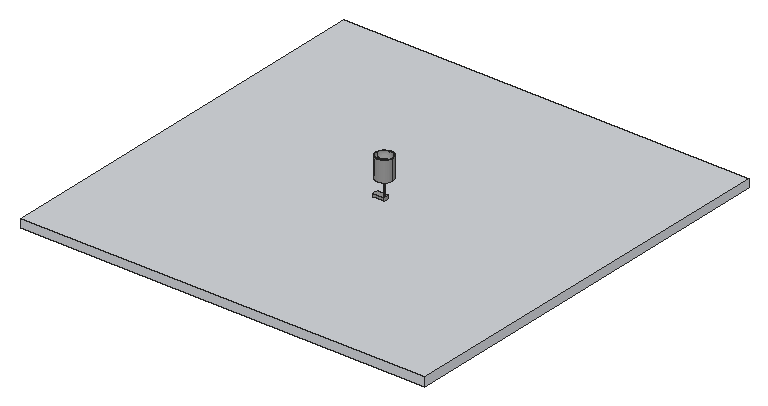
Revit family "LAMP_KOMBIC 100 SURFACE SUSPENDED TRACK 2500 CRI80 OPTIC", category Luminarias, Revit 2018
Family settings
  Anfitrión = Cara
  Cota de conector redondo = Diámetro de uso
  Tipo de pieza = Normal
  Corte con vacíos al cargar = No
  Origen de luz = Sí
  Compartido = No
  Punto de cálculo de habitación = No
Parameters (values of type "1205LM 3000K  B/B")
  Ángulo de inclinación = -90.00°
  Weight = 0.498 kg
  UGR = "17"
  Type = "COB PHILIPS"
  Protection rating = "IP40"
  Product datasheet = "http://www.lamp.es/product-files/TECH/K11ST2540WF830NBB-EN.pdf"
  Product code = "K11ST2540WF830NBB"
  Product URL = "https://www.lamp.es/en/family/kombic-surface_474354"
  Power Supply = "220-240V 50/60Hz"
  Power = 18 W
  Plum = 21.6 W
  Modelo = Product code  # "K11ST2540WF830NBB"
  Model explanation = "Possibility to modify the lenght of the suspension cable up to 1m"
  Material reflector = LAMP_PC Reflector Kombic Metalizado Negro
  Material floron = LAMP_Plástico genérico NG
  Material difusor = LAMP_PMMA Difusor Kombic
  Material cuerpo = LAMP_Plástico genérico NG
  Material cable suspension = LAMP_Acero genérico
  Manufacturer name = "LAMP"
  Manufacturer country = "Spain"
  Manufacturer URL = "http://www.lamp.es/en"
  MacAdam = "3"
  Luminaire type = "Track Suspended"
  Last update = "03/08/2021"
  Lamp = "COB LED"
  LED Lifetime = "50.000 L70 B10"
  Insulation class = "I"
  Installation instructions = "https://www.lamp.es/product-files/packed/by-family/474354_INS_all.zip"
  IEE = "A+"
  Wattage = 21.6 W
  built-in parameter 1150107 = 3000 (stored number, unit not read)
  built-in parameter 1150110 = 1 (stored number, unit not read)
  built-in parameter 1150109 = 1 (stored number, unit not read)
  built-in parameter 1150112 = 1 (stored number, unit not read)
  built-in parameter 1150113 = 1 (stored number, unit not read)
  built-in parameter 1114218 = 1 (stored number, unit not read)
  built-in parameter 1150137 = (empty or 0)
  built-in parameter 1150132 = 2
  built-in parameter 1150105 = 2137.8 (stored number, unit not read)
  built-in parameter 1150102 = (empty or 0)
  built-in parameter 1150106 = 21.378 (stored number, unit not read)
  Height suspension [instance] = 100 mm
  Height distance [instance] = if(Height suspension > 1 mm, if(Height suspension < 1000 mm, Height suspension, 1000 mm), 1 mm)  # 100 mm
  Height = 120 mm
  Gear = "Electronic"
  Lumens = 1609.2 lm
  Finish = "Matte black RAL 9011"
  Color Filter = 16777215
  built-in parameter 1114217 = 1 (stored number, unit not read)
  built-in parameter 1150139 = (empty or 0)
  Fabricante = Manufacturer name  # "LAMP"
  Default Elevation = 1219.2 mm
  built-in parameter 1150104 = 6.9213 (stored number, unit not read)
  Efficacy = 74.5 lm/W
  Diameter = 100 mm
  built-in parameter 1150115 = 1 (stored number, unit not read)
  built-in parameter 1150114 = 1 (stored number, unit not read)
  built-in parameter 1150138 = (empty or 0)
  built-in parameter 1150134 = (empty or 0)
  Dimming Lamp Color Temperature Shift = (empty or 0)
  CRI = "80"
  Archivo de red fotométrica = "K11rd2540WF830NBw.IES"
  built-in parameter 1150133 = 10 (stored number, unit not read)
Types (12, lengths in mm): name | UGR | Product datasheet | Product code | Modelo | Material reflector | Material cuerpo | built-in parameter 1150107 | built-in parameter 1150105 | built-in parameter 1150106 | Lumens | Finish | built-in parameter 1150104 | Efficacy | built-in parameter 1150134 | Archivo de red fotométrica
  1205LM 3000K  B/B | "17" | "http://www.lamp.es/product-files/TECH/K11ST2540WF830NBB-EN.pdf" | "K11ST2540WF830NBB" | "K11ST2540WF830NBB" | LAMP_PC Reflector Kombic Metalizado Negro | LAMP_Plástico genérico NG | 3000 (stored number, unit not read) | 2137.8 (stored number, unit not read) | 21.378 (stored number, unit not read) | 1609.2 lm | "Matte black RAL 9011" | 6.9213 (stored number, unit not read) | 74.5 lm/W | (empty or 0) | "K11rd2540WF830NBw.IES"
  1205LM 3000K  B/W | "17" | "http://www.lamp.es/product-files/TECH/K11ST2540WF830NBW-EN.pdf" | "K11ST2540WF830NBW" | "K11ST2540WF830NBW" | LAMP_PC Reflector Kombic Metalizado Negro | LAMP_Plástico genérico BL | 3000 (stored number, unit not read) | 2137.8 (stored number, unit not read) | 21.378 (stored number, unit not read) | 1609.2 lm | "Matte Traffic white RAL 9016" | 6.9213 (stored number, unit not read) | 74.5 lm/W | (empty or 0) | "K11rd2540WF830NBW.IES"
  1268LM 3000K  M/B | "17" | "http://www.lamp.es/product-files/TECH/K11ST2540WF830NMB-EN.pdf" | "K11ST2540WF830NMB" | "K11ST2540WF830NMB" | LAMP_PC Reflector Kombic Metalizado Mate | LAMP_Plástico genérico NG | 3000 (stored number, unit not read) | 2246.9 (stored number, unit not read) | 22.469 (stored number, unit not read) | 1691.28 lm | "Matte black RAL 9011" | 7.2743 (stored number, unit not read) | 78.3 lm/W | (empty or 0) | "K11rd2540WF830NMw.IES"
  1268LM 3000K  M/W | "17" | "http://www.lamp.es/product-files/TECH/K11ST2540WF830NMW-EN.pdf" | "K11ST2540WF830NMW" | "K11ST2540WF830NMW" | LAMP_PC Reflector Kombic Metalizado Mate | LAMP_Plástico genérico BL | 3000 (stored number, unit not read) | 2246.9 (stored number, unit not read) | 22.469 (stored number, unit not read) | 1691.28 lm | "Matte Traffic white RAL 9016" | 7.2743 (stored number, unit not read) | 78.3 lm/W | (empty or 0) | "K11rd2540WF830NMW.IES"
  1275LM 3000K  W/B | "19" | "http://www.lamp.es/product-files/TECH/K11ST2540WF830NWB-EN.pdf" | "K11ST2540WF830NWB" | "K11ST2540WF830NWB" | LAMP_PC Reflector Kombic Blanco | LAMP_Plástico genérico NG | 3000 (stored number, unit not read) | 2261.2 (stored number, unit not read) | 22.612 (stored number, unit not read) | 1702.08 lm | "Matte black RAL 9011" | 7.3208 (stored number, unit not read) | 78.8 lm/W | (empty or 0) | "K11rd2540WF830NWw.IES"
  1275LM 3000K  W/W | "19" | "http://www.lamp.es/product-files/TECH/K11ST2540WF830NWW-EN.pdf" | "K11ST2540WF830NWW" | "K11ST2540WF830NWW" | LAMP_PC Reflector Kombic Blanco | LAMP_Plástico genérico BL | 3000 (stored number, unit not read) | 2156 (stored number, unit not read) | 21.56 (stored number, unit not read) | 1702.08 lm | "Matte Traffic white RAL 9016" | 7.3208 (stored number, unit not read) | 78.8 lm/W | (empty or 0) | "K11rd2540WF830NWW.IES"
  1277LM 4000K  B/B | "17" | "http://www.lamp.es/product-files/TECH/K11ST2540WF840NBB-EN.pdf" | "K11ST2540WF840NBB" | "K11ST2540WF840NBB" | LAMP_PC Reflector Kombic Metalizado Negro | LAMP_Plástico genérico NG | 4000 (stored number, unit not read) | 2264.1 (stored number, unit not read) | 22.641 (stored number, unit not read) | 1704.24 lm | "Matte black RAL 9011" | 7.33 (stored number, unit not read) | 78.9 lm/W | 12 | "K11rd2540WF840NBw.IES"
  1277LM 4000K  B/W | "17" | "http://www.lamp.es/product-files/TECH/K11ST2540WF840NBW-EN.pdf" | "K11ST2540WF840NBW" | "K11ST2540WF840NBW" | LAMP_PC Reflector Kombic Metalizado Negro | LAMP_Plástico genérico BL | 4000 (stored number, unit not read) | 2264.1 (stored number, unit not read) | 22.641 (stored number, unit not read) | 1704.24 lm | "Matte Traffic white RAL 9016" | 7.33 (stored number, unit not read) | 78.9 lm/W | 12 | "K11rd2540WF840NBW.IES"
  1343LM 4000K  W/B | "17" | "http://www.lamp.es/product-files/TECH/K11ST2540WF840NMB-EN.pdf" | "K11ST2540WF840NMB" | "K11ST2540WF840NMB" | LAMP_PC Reflector Kombic Metalizado Mate | LAMP_Plástico genérico NG | 4000 (stored number, unit not read) | 2381.7 (stored number, unit not read) | 23.817 (stored number, unit not read) | 1792.8 lm | "Matte black RAL 9011" | 7.711 (stored number, unit not read) | 83 lm/W | 12 | "K11rd2540WF840NMw.IES"
  1343LM 4000K  W/W | "17" | "http://www.lamp.es/product-files/TECH/K11ST2540WF840NMW-EN.pdf" | "K11ST2540WF840NMW" | "K11ST2540WF840NMW" | LAMP_PC Reflector Kombic Metalizado Mate | LAMP_Plástico genérico BL | 4000 (stored number, unit not read) | 2381.7 (stored number, unit not read) | 23.817 (stored number, unit not read) | 1792.8 lm | "Matte Traffic white RAL 9016" | 7.711 (stored number, unit not read) | 83 lm/W | 12 | "K11rd2540WF840NMw.IES"
  1351LM 4000K  M/B | "19" | "http://www.lamp.es/product-files/TECH/K11ST2540WF840NWB-EN.pdf" | "K11ST2540WF840NWB" | "K11ST2540WF840NWB" | LAMP_PC Reflector Kombic Blanco | LAMP_Plástico genérico NG | 4000 (stored number, unit not read) | 2393.2 (stored number, unit not read) | 23.932 (stored number, unit not read) | 1801.44 lm | "Matte black RAL 9011" | 7.7481 (stored number, unit not read) | 83.4 lm/W | 12 | "K11rd2540WF840NWw.IES"
  1351LM 4000K  M/W | "19" | "http://www.lamp.es/product-files/TECH/K11ST2540WF840NWW-EN.pdf" | "K11ST2540WF840NWW" | "K11ST2540WF840NWW" | LAMP_PC Reflector Kombic Blanco | LAMP_Plástico genérico BL | 4000 (stored number, unit not read) | 2393.2 (stored number, unit not read) | 23.932 (stored number, unit not read) | 1801.44 lm | "Matte Traffic white RAL 9016" | 7.7481 (stored number, unit not read) | 83.4 lm/W | 12 | "K11rd2540WF840NWW.IES"
Reference planes
  plane 1 "Centro (Frontal/Posterior)": y = 0
  plane 2: z = 0
  plane 3 "Centro (Izquierda/Derecha)": x = 0
Forms (mm)
  Extrusion 1, solid
    sketch origin (0, 0, 0) x (1, 0, 0) y (0, 1, 0)
      loop
        line (-1219.2, 1219.2) -> (-1219.2, -1219.2) -> (1219.2, -1219.2) -> (1219.2, 1219.2) -> (-1219.2, 1219.2)
    from 0 to -50
  Extrusion 2, solid, material "LAMP_Plástico genérico NG" <- "Material cuerpo"
    sketch origin (0, 0, 0) x (1, 0, 0) y (0, 1, 0)
      loop
        circle (0, 0) r 50
    from 114 to 234
  Extrusion 3, void
    sketch origin (0, 0, 0) x (1, 0, 0) y (0, 1, 0)
      loop
        circle (0, 0) r 48
    from 130.273 to 234
  Sweep 4, solid, material "LAMP_PC Reflector Kombic Metalizado Negro" <- "Material reflector"
    path origin (105.103, -251.845, 234) x (1, 0, 0) y (0, 1, 0)
      loop
        circle (-105.103, 251.959) r 48
    profile origin (0, 48.114, 234) x (0, -1, 0) y (0, 0, 1)
      loop
        arc (0, 0) -> (6.616, -20.646) -> (24, -33.6) r 35.52
        line (24, -33.6) -> (24, -32.6)
        arc (24, -32.6) -> (7.196, -20.217) -> (2, 0) r 31.112
        line (2, 0) -> (0, 0)
  Extrusion 5, solid, material "LAMP_PMMA Difusor Kombic" <- "Material difusor"
    sketch origin (0, 0, 0) x (1, 0, 0) y (0, 1, 0)
      loop
        circle (0, 0) r 24
    from 200.4 to 201.4
  Extrusion 6, solid, material "LAMP_Plástico genérico NG" <- "Material cuerpo"
    sketch origin (0, 0, 0) x (1, 0, 0) y (0, 1, 0)
      loop
        arc (-54.442, 16) -> (-58.313, 0) -> (-54.442, -16) r 35
        line (-54.442, -16) -> (7.815, -16)
        arc (7.815, -16) -> (11.687, 0) -> (7.815, 16) r 35
        line (7.815, 16) -> (-54.442, 16)
    from -26 to 14
  Extrusion 7, void
    sketch origin (0, 0, 0) x (0, 1, 0) y (0, 0, 1)
      loop
        line (17, 0) -> (7, 0) -> (7, -25) -> (-7, -25) -> (-7, 0) -> (-17, 0) -> (-17, -26) -> (17, -26) -> (17, 0)
    from -59.309 to 12.887
  Extrusion 8, solid
    sketch origin (0, 0, 0) x (1, 0, 0) y (0, 1, 0)
      loop
        circle (0, 0) r 1
    from 14 to 114
Cuts and joins
  Extrusion 3 cuts Extrusion 2
  Extrusion 7 cuts Extrusion 6
Text (mm)
  text "Any modification of the parameters and properties of the LAMP BIM models must be executed and validated by the LAMP technical department.\nPhone: +34 93 736 68 00\nE-mail: lamp@lamp.es\n\nLAMP reserves the right to modify the technical specifications of its products." at (1856.491, -4316.333, -2622.127), in view "Preview"
Dimensions and locks
  locked: Extrusion 2 to Extrusion 2 at 120
  locked: cut or joined group of Extrusion 2, Extrusion 3 to cut or joined group of Extrusion 2, Extrusion 3 at 103.727
  "Height distance": cut or joined group of Extrusion 2, Extrusion 3 to cut or joined group of Extrusion 6, Extrusion 7
  locked: cut or joined group of Extrusion 6, Extrusion 7 to Extrusion 1 at 14
  aligned and locked: plane 2 to Extrusion 1
  aligned and locked: level to Extrusion 1
  aligned and locked: Extrusion 2 to Extrusion 3
  aligned and locked: Sweep 4 to Extrusion 5
  aligned and locked: Extrusion 5 to Sweep 4
  aligned and locked: imposter light to cut or joined group of Extrusion 2, Extrusion 3
  aligned and locked: Extrusion 8 to cut or joined group of Extrusion 6, Extrusion 7
  aligned and locked: cut or joined group of Extrusion 2, Extrusion 3 to Extrusion 8
Automatic sketch dimensions
  Extrusion 1 sketch curve to Extrusion 1 sketch curve = 2438.4 mm  (x2)
  plane 1 "Centro (Frontal/Posterior)" to Extrusion 2 sketch curve = 0 mm
  Extrusion 2 sketch curve to plane 3 "Centro (Izquierda/Derecha)" = 0 mm
  plane 1 "Centro (Frontal/Posterior)" to Extrusion 3 sketch curve = 0 mm
  Extrusion 3 sketch curve to plane 3 "Centro (Izquierda/Derecha)" = 0 mm
  Sweep 4 sketch curve to profile plane = 0 mm  (x2)
  Sweep 4 sketch curve to Sweep 4 sketch curve = 2 mm
  Sweep 4 sketch curve to profile plane = 24 mm
  Sweep 4 sketch curve to profile plane = 2.814 mm
  Sweep 4 sketch curve to Sweep 4 sketch curve = 8.984 mm
  Sweep 4 sketch curve to Sweep 4 sketch curve = 2.536 mm
  plane 1 "Centro (Frontal/Posterior)" to Extrusion 5 sketch curve = 0 mm
  Extrusion 5 sketch curve to plane 3 "Centro (Izquierda/Derecha)" = 0 mm
  Extrusion 6 sketch curve to Extrusion 6 sketch curve = 0 mm  (x2)
  plane 1 "Centro (Frontal/Posterior)" to Extrusion 6 sketch curve = 0 mm
  Extrusion 6 sketch curve to plane 1 "Centro (Frontal/Posterior)" = 16 mm
  Extrusion 6 sketch curve to plane 3 "Centro (Izquierda/Derecha)" = 54.442 mm
  plane 1 "Centro (Frontal/Posterior)" to Extrusion 6 sketch curve = 16 mm
  Extrusion 6 sketch curve to plane 3 "Centro (Izquierda/Derecha)" = 23.313 mm
  plane 3 "Centro (Izquierda/Derecha)" to Extrusion 6 sketch curve = 7.815 mm
  Extrusion 7 sketch curve to level = 0 mm  (x2)
  plane 1 "Centro (Frontal/Posterior)" to Extrusion 7 sketch curve = 17 mm
  plane 1 "Centro (Frontal/Posterior)" to Extrusion 7 sketch curve = 7 mm
  Extrusion 7 sketch curve to plane 1 "Centro (Frontal/Posterior)" = 7 mm
  Extrusion 7 sketch curve to Extrusion 7 sketch curve = 10 mm
  Extrusion 7 sketch curve to Extrusion 7 sketch curve = 25 mm
  Extrusion 7 sketch curve to Extrusion 7 sketch curve = 1 mm
  plane 1 "Centro (Frontal/Posterior)" to Extrusion 8 sketch curve = 0 mm
  Extrusion 8 sketch curve to plane 3 "Centro (Izquierda/Derecha)" = 0 mm
  radius of Extrusion 2 sketch curve = 50 mm
  radius of Extrusion 3 sketch curve = 48 mm
  radius of Sweep 4 sketch curve = 48 mm
  radius of Extrusion 5 sketch curve = 24 mm
  radius of Extrusion 8 sketch curve = 1 mm
Connectors
  electrical at (0, 0, 114)
    settings: on cut or joined group of Extrusion 2, Extrusion 3, index 1, voltage 230 V, apparent load 0 VA, apparent load phase1 0 VA, apparent load phase2 0 VA, apparent load phase3 0 VA, power factor 1, load classification "Otro", number of poles 1, system type 31, power factor state 1, is connector primary yes, connector utility no, sub classification motor no, connector description ""
